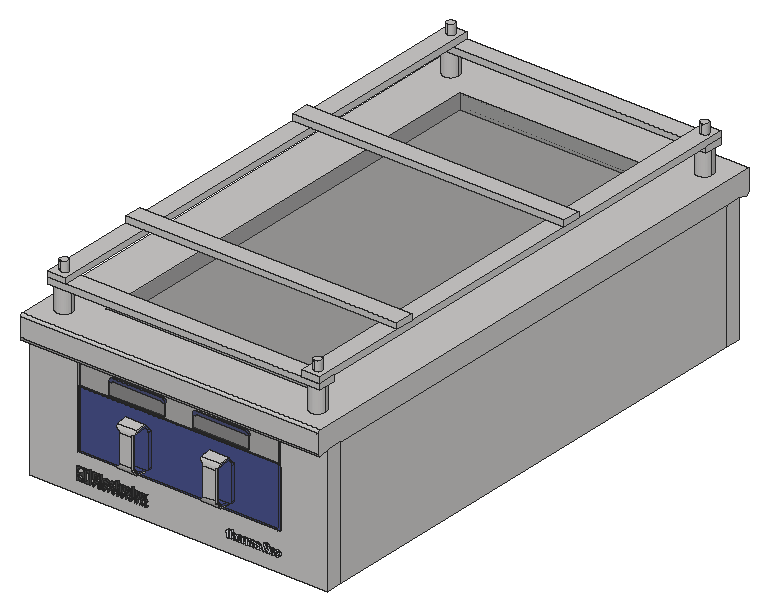
Revit family "QF_ELECTROLUXPROFESSIONAL_589841_MCIBAAEODM", category Attrezzature speciali, Revit 2020 (continued)
Definition of nested family "Front_Panel_W500_2 Knobs"
  Definition of nested family "ELX_Professional_Logo_Small"
    Forms (mm)
      Extrusion 2, solid, material <- "Material_Logo"
        sketch origin (15.5, 0, 0) x (1, 0, 0) y (0, 1, 0)
          loop
            arc (-5.256, -10.376) -> (-4.95, -9.565) -> (-5.108, -8.712) r 1.618
            arc (-5.108, -8.712) -> (-5.448, -8.319) -> (-5.884, -8.035) r 1.876
            arc (-5.884, -8.035) -> (-6.434, -7.789) -> (-6.999, -7.577) r 9.883
            arc (-6.999, -7.577) -> (-7.325, -7.07) -> (-6.854, -6.694) r 0.45
            arc (-6.854, -6.694) -> (-6.329, -6.809) -> (-5.909, -7.143) r 1.197
          loop
            line (1.61, -7.143) -> (2.345, -6.638)
            arc (2.345, -6.638) -> (1.663, -5.974) -> (0.737, -5.755) r 1.782
            arc (0.737, -5.755) -> (0.121, -5.878) -> (-0.425, -6.189) r 1.974
            arc (-0.425, -6.189) -> (-0.683, -6.5) -> (-0.799, -6.888) r 1.013
            arc (-0.799, -6.888) -> (-0.788, -7.341) -> (-0.674, -7.78) r 1.985
            arc (-0.674, -7.78) -> (-0.231, -8.259) -> (0.347, -8.563) r 1.928
            arc (0.347, -8.563) -> (0.881, -8.779) -> (1.387, -9.056) r 5.041
            arc (1.387, -9.056) -> (1.584, -9.387) -> (1.428, -9.74) r 0.42
            arc (1.428, -9.74) -> (0.887, -9.96) -> (0.314, -9.845) r 1.016
            arc (0.314, -9.845) -> (-0.107, -9.603) -> (-0.371, -9.196) r 1.033
            line (-0.371, -9.196) -> (-1.152, -9.686)
            arc (-1.152, -9.686) -> (-0.842, -10.198) -> (-0.39, -10.589) r 1.914
            arc (-0.39, -10.589) -> (0.184, -10.834) -> (0.804, -10.896) r 2.063
            arc (0.804, -10.896) -> (1.572, -10.743) -> (2.263, -10.376) r 2.696
            arc (2.263, -10.376) -> (2.568, -9.565) -> (2.411, -8.712) r 1.618
            arc (2.411, -8.712) -> (2.07, -8.319) -> (1.635, -8.035) r 1.876
            arc (1.635, -8.035) -> (1.084, -7.789) -> (0.519, -7.577) r 9.883
            arc (0.519, -7.577) -> (0.193, -7.07) -> (0.665, -6.694) r 0.45
            arc (0.665, -6.694) -> (1.189, -6.809) -> (1.61, -7.143) r 1.197
          loop
            line (6.801, -5.837) -> (6.801, -10.814) -> (7.825, -10.814) -> (7.825, -5.837) -> (6.801, -5.837)
          loop
            circle (14.724, -8.325) r 1.548
          loop
            circle (14.724, -8.325) r 2.585
          loop
            line (21.59, -10.814) -> (22.623, -10.814) -> (22.623, -7.685) -> (24.9, -10.814) -> (25.895, -10.814) -> (25.895, -5.837) -> (24.861, -5.837) -> (24.861, -9.061) -> (22.585, -5.837) -> (21.59, -5.837) -> (21.59, -10.814)
          loop
            line (31.054, -10.814) -> (31.539, -9.74) -> (33.38, -9.74) -> (33.865, -10.814) -> (34.965, -10.814) -> (32.46, -5.837) -> (29.956, -10.814) -> (31.054, -10.814)
          loop
            line (32.46, -7.698) -> (31.999, -8.719) -> (32.921, -8.719) -> (32.46, -7.698)
          loop
            line (40.047, -9.873) -> (40.047, -5.837) -> (39.024, -5.837) -> (39.024, -10.814) -> (41.961, -10.814) -> (41.961, -9.873) -> (40.047, -9.873)
          loop
            line (-74.986, -10.814) -> (-53.322, -10.814) -> (-53.322, 10.82) -> (-74.986, 10.82) -> (-74.986, -10.814)
          loop
            line (-61.261, 9.758) -> (-61.261, -9.707)
            arc (-61.261, -9.707) -> (-54.066, 0.025) -> (-61.261, 9.758) r 10.18
          loop
            line (-62.251, 8.349) -> (-62.251, 9.758)
            arc (-62.251, 9.758) -> (-70.347, 7.918) -> (-74.247, 0.59) r 9.976
            line (-74.247, 0.59) -> (-71.026, 0.59)
            arc (-71.026, 0.59) -> (-65.274, 2.925) -> (-62.251, 8.349) r 9.351
          loop
            arc (-74.247, -0.539) -> (-70.353, -7.928) -> (-62.251, -9.957) r 10.237
            line (-62.251, -9.957) -> (-62.251, -8.298)
            arc (-62.251, -8.298) -> (-65.274, -2.874) -> (-71.026, -0.539) r 9.351
            line (-71.026, -0.539) -> (-74.247, -0.539)
        from 0 to 1.644
    Dimensions and locks
      aligned and locked: plane 2 to Extrusion 1
      aligned and locked: level to Extrusion 1
